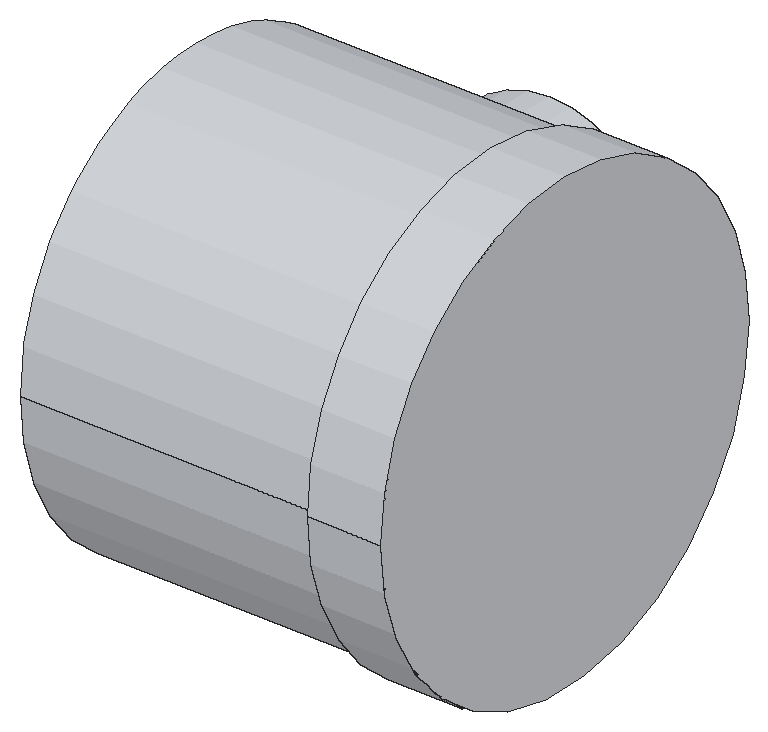
Revit family "M_T redondo com cobertura", category Conexões de duto, Revit 2019
Family settings
  Cota do conector redondo = Usar raio
  Tipo de parte = Cotovelo
  Número OmniClass = 23.75.70.14
  Título OmniClass = Air Ductwork
  ID de item do Seek = Round Tee with Cap-0000-CAN-ENU
  Com base no plano de trabalho = Não
  Sempre na vertical = Sim
  Corte com vazios quando carregada = Não
  Compartilhado = Não
Parameters (values of type "Padrão")
  Comprimento do rebaixo [instance] = 25 mm
  Raio do duto 2 [instance] = 75 mm
  Raio do duto 1 [instance] = 150 mm
  Comprimento do duto 3 [instance] = 50 mm  # constant formula
  Comprimento do duto 2 [instance] = Raio do duto 1 + Comprimento do rebaixo  # 175 mm
  Comprimento do duto 1 [instance] = Raio do duto 2 + Comprimento do rebaixo  # 100 mm
  Diâmetro do duto 2 [instance] = Raio do duto 2 * 2  # 150 mm
  Diâmetro do duto 1 [instance] = Raio do duto 1 * 2  # 300 mm
  Raio da cobertura [instance] = Raio do duto 1 + 6 mm  # 156 mm
Reference planes
  plane 1 "Centro (Frente/Trás)": y = 0
  plane 2: z = 0
  plane 3 "Centro (Esquerda/Direita)": x = 0
  plane 4: y = 175
  plane 5: x = -100
  plane 6: x = 100
  plane 7: x = 150
  plane 8: y = 156
  plane 9: y = -156
Forms (mm)
  Sweep 1, solid, detail levels medium+fine
    path in 3D
      loop
        line (0, 0, 0) -> (0, 175, 0)
    profile origin (0, 87.5, 0) x (-1, 0, 0) y (0, 0, 1)
      loop
        circle (0, 0) r 75
  Sweep 2, solid, detail levels medium+fine
    path in 3D
      loop
        line (-100, 0, 0) -> (100, 0, 0)
    profile origin (0, 0, 0) x (0, 1, 0) y (0, 0, 1)
      loop
        circle (0, 0) r 150
  Sweep 3, solid, detail levels medium+fine
    path in 3D
      loop
        line (100, 0, 0) -> (150, 0, 0)
    profile origin (125, 0, 0) x (0, 1, 0) y (0, 0, 1)
      loop
        circle (0, 0) r 156
Cuts and joins
  joined: Sweep 1, Sweep 2, Sweep 3
Lines and regions (mm)
  model lines, detail levels coarse
    curve 1: line (-100, 0, 0) -> (100, 0, 0)
    curve 2: line (0, 0, 0) -> (0, 175, 0)
    curve 5: line (100, 0, 0) -> (150, 0, 0)
    curve 8: line (100, 156, 0) -> (150, 156, 0)
    curve 9: line (150, 156, 0) -> (150, -156, 0)
    curve 10: line (150, -156, 0) -> (100, -156, 0)
  sketch lines
    curve 3: line (0, 0, 0) -> (0, 175, 0)
    curve 4: line (-100, 0, 0) -> (100, 0, 0)
    curve 6: line (100, 0, 0) -> (150, 0, 0)
  model lines, not visible
    curve 7: line (100, 0, 0) -> (150, 0, 0)
Dimensions and locks
  "Comprimento do duto 1": plane 5 to plane 3 "Centro (Esquerda/Direita)"
  "Comprimento do duto 2": plane 4 to plane 1 "Centro (Frente/Trás)"
  "Comprimento do duto 3": plane 6 to plane 7
  "Comprimento do duto 1": plane 3 "Centro (Esquerda/Direita)" to plane 6
  equal spacing: plane 8, plane 1 "Centro (Frente/Trás)", plane 9
  "Raio da cobertura": plane 8 to plane 1 "Centro (Frente/Trás)"
  "Raio do duto 2": radius of Sweep 1 sketch curve
  "Raio do duto 1": radius of Sweep 2 sketch curve
  "Raio da cobertura": radius of Sweep 3 sketch curve
  aligned and locked: plane 1 "Centro (Frente/Trás)" to curve 2
  aligned and locked: plane 4 to curve 2
  aligned and locked: plane 5 to curve 1
  aligned and locked: plane 3 "Centro (Esquerda/Direita)" to Sweep 1 sketch curve
  aligned and locked: plane 2 to Sweep 1 sketch curve
  aligned and locked: plane 1 "Centro (Frente/Trás)" to Sweep 2 sketch curve
  aligned and locked: plane 2 to Sweep 2 sketch curve
  aligned and locked: plane 1 "Centro (Frente/Trás)" to Sweep 3 sketch curve
  aligned and locked: plane 2 to Sweep 3 sketch curve
  aligned and locked: plane 7 to curve 9
  aligned and locked: plane 7 to curve 10
  aligned and locked: plane 6 to curve 10
  aligned and locked: plane 6 to curve 8
  aligned and locked: curve 8 to plane 8
  aligned and locked: plane 9 to curve 10
  aligned and locked: plane 8 to curve 9
Automatic sketch dimensions
  curve 2 to plane 3 "Centro (Esquerda/Direita)" = 0 mm
  curve 1 to plane 6 = 0 mm
Connectors
  hvac at (-100, 0, 0), driven by "Raio do duto 1"
    settings: on Sweep 2, index 1, duct flow 0.0 L/s, flow factor 0, pres drop 0.0 Pa, loss coef 0, conn angle 0.00°, conn width 304.8 mm, conn height 304.8 mm, conn diameter 300 mm, duct sys type 28, conn prof type 0, flow config 0, flow direction 0, loss method 0, conn ref index 2, conn util no, is conn primary yes, conn desc ""
  hvac at (0, 175, 0), driven by "Raio do duto 2"
    settings: on Sweep 1, index 2, duct flow 0.0 L/s, flow factor 0, pres drop 0.0 Pa, loss coef 0, conn angle 0.00°, conn width 304.8 mm, conn height 304.8 mm, conn diameter 150 mm, duct sys type 28, conn prof type 0, flow config 0, flow direction 0, loss method 0, conn ref index 1, conn util no, is conn primary no, conn desc ""
